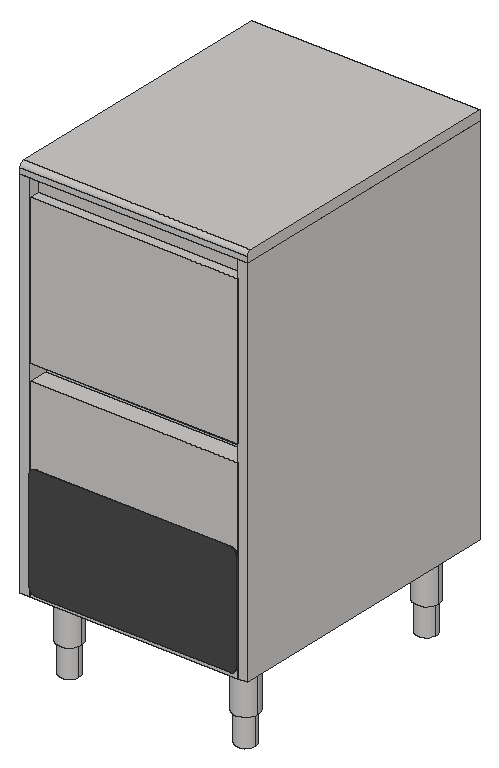
Revit family "QF_ZANUSSI_730327_ICC47I20SNP", category Attrezzature speciali, Revit 2018
Family settings
  Quota connettore circolare = Usa diametro
  Tipo di parte = Normale
  Basato su piano di lavoro = No
  Sempre verticale = Sì
  Taglio con vuoti quando caricato = No
  Condiviso = No
  Punto di calcolo locali = No
Parameters (values of type "Standard")
  Weight = 45.00 kg
  Watts = 0 W
  Volts = 220 V
  URL Manufacturer = "http://www.zanussiprofessional.com"
  URL = "http://www.zanussiprofessional.com"
  Steam Supply Size = 0 mm
  Steam Supply Minimum Pressure = 0.0 Pa
  Steam Supply Maximum Pressure = 0.0 Pa
  Steam Pounds per Hour = 0
  Show Logo [instance] = yes
  Show Clearance [instance] = yes
  Refrigeration Suction Line Size = 0 mm
  Refrigeration Liquid Line Size = 0 mm
  Refrigerant Compressor Remote = yes
  Produttore = "Zanussi"
  Phase = 1
  Modello = "ICC47I20SNP"
  Length Actual = 465 mm  # constant formula
  Item Number = "730327"
  Hot Water Size = 0 mm
  Height Actual = 894 mm  # constant formula
  HP = "0 HP"
  Gas Size = 0 mm
  Gas KW = 0
  Gas Input Pressure = 0 W
  Descrizione = "AIR COOLED ICE CUBER 40GR 47KG/24H-BIN 20KG"
  Depth Actual = 595 mm  # constant formula
  Cycle = 50 Hz
  Condensate Return Size = 0 mm
  Compressed Air Volume = 0.0 L/s
  Compressed Air Size = 0 mm
  Compressed Air Pressure = 0.0 Pa
  Cold Water Size = 19.05 mm
  Accessory = yes
Reference planes
  plane 1 "Center X": y = 272.851
  plane 2: z = 0
  plane 3 "Center Y": x = -501.5
  plane 4 "LEFT": x = -734
  plane 5 "RIGHT": x = -269
  plane 6 "FRONT": y = -24.149
  plane 7 "BACK": y = 569.851
  plane 8: z = 155
  plane 9: z = 944
  plane 10: z = 924
  plane 11: x = -714
  plane 12: x = -289
  plane 13: y = 15.851
Forms (mm)
  Extrusion 1, solid, material "QF_Finishes_Black"
    sketch origin (-217.296, -24.149, 371.513) x (-1, 0, 0) y (0, 0, -1)
      loop
        arc (481.704, -21.487) -> (492.311, -17.093) -> (496.704, -6.487) r 15
        line (496.704, -6.487) -> (496.704, 194.469)
        arc (496.704, 194.469) -> (492.311, 205.075) -> (481.704, 209.469) r 15
        line (481.704, 209.469) -> (86.704, 209.469)
        arc (86.704, 209.469) -> (76.097, 205.075) -> (71.704, 194.469) r 15
        line (71.704, 194.469) -> (71.704, -6.487)
        arc (71.704, -6.487) -> (76.097, -17.093) -> (86.704, -21.487) r 15
        line (86.704, -21.487) -> (481.704, -21.487)
    from 0 to 2
  Extrusion 2, solid, material "QF_Finishes_Stainless Steel"
    sketch origin (-501.5, 0, 0) x (0, 1, 0) y (0, 0, 1)
      loop
        line (569.851, 924) -> (569.851, 944) -> (-14.149, 944)
        arc (-14.149, 944) -> (-21.22, 941.071) -> (-24.149, 934) r 10
        line (-24.149, 934) -> (-24.149, 924) -> (569.851, 924)
    from -232.5 to 232.5
  Extrusion 3, solid, material "QF_Finishes_Stainless Steel"
    sketch origin (-321.2, 569.851, -329.545) x (1, 0, 0) y (0, 0, -1)
      loop
        circle (-16.8, -655.545) r 10
    from 0 to 10
  Extrusion 4, solid, material "QF_Finishes_Stainless Steel"
    sketch origin (0, 0, 0) x (1, 0, 0) y (0, 1, 0)
      loop
        line (-734, 569.851) -> (-734, -24.149) -> (-714, -24.149) -> (-714, 569.851) -> (-734, 569.851)
    from 155 to 924
  Extrusion 5, solid, material "QF_Finishes_Stainless Steel"
    sketch origin (0, 0, 0) x (1, 0, 0) y (0, 1, 0)
      loop
        line (-289, 569.851) -> (-289, -24.149) -> (-269, -24.149) -> (-269, 569.851) -> (-289, 569.851)
    from 155 to 924
  Extrusion 6, solid, material "QF_Finishes_Stainless Steel"
    sketch origin (0, 0, 0) x (1, 0, 0) y (0, 1, 0)
      loop
        line (-714, 569.851) -> (-714, 15.851) -> (-289, 15.851) -> (-289, 569.851) -> (-714, 569.851)
    from 155 to 924
  Extrusion 7, solid, material "QF_Finishes_Stainless Steel"
    sketch origin (0, 0, 0) x (1, 0, 0) y (0, 1, 0)
      loop
        line (-714, -24.149) -> (-289, -24.149) -> (-289, 15.851) -> (-714, 15.851) -> (-714, -24.149)
    from 155 to 550.848
  Extrusion 8, solid, material "QF_Finishes_Stainless Steel"
    sketch origin (-501.5, 0, 0) x (0, 1, 0) y (0, 0, 1)
      loop
        line (15.851, 924) -> (-4.149, 924) -> (-4.149, 888) -> (-24.149, 888) -> (-24.149, 584.768) -> (-4.149, 584.768) -> (-4.149, 569) -> (15.851, 569) -> (15.851, 924)
    from -212.5 to 212.5
  Extrusion 9, solid, material "QF_Finishes_Stainless Steel"
    sketch origin (-303.2, 569.851, -440.545) x (1, 0, 0) y (0, 0, -1)
      loop
        circle (-16.8, -655.545) r 10
    from 0 to 10
  Extrusion 10, solid, material "QF_Finishes_Stainless Steel"
    sketch origin (-363.2, 569.851, -361.545) x (1, 0, 0) y (0, 0, -1)
      loop
        circle (-16.8, -655.545) r 10
    from 0 to 10
Lines and regions (mm)
  Split face 1
    outline origin (-501.5, -4.149, 924) x (0, 0, -1) y (1, 0, 0)
      loop
        line (5.715, 89.928) -> (30.715, 89.928) -> (30.715, 129.928) -> (5.715, 129.928) -> (5.715, 89.928)
  symbolic lines
    curve 1: line (-734, 569.851, 0) -> (-269, 569.851, 0)
    curve 2: line (-734, -24.149, 0) -> (-734, 569.851, 0)
    curve 3: line (-269, -24.149, 0) -> (-734, -24.149, 0)
    curve 4: line (-269, 569.851, 0) -> (-269, -24.149, 0)
Dimensions and locks
  equal spacing: plane 4 "LEFT", plane 3 "Center Y", plane 5 "RIGHT"
  plane 4 "LEFT" to plane 5 "RIGHT" = 465 mm
  equal spacing: plane 7 "BACK", plane 1 "Center X", plane 6 "FRONT"
  plane 7 "BACK" to plane 6 "FRONT" = 594 mm
  plane 8 to plane 2 = 155 mm
  plane 9 to plane 8 = 789 mm
  locked: plane 4 "LEFT" to plane 11 at 20
  locked: plane 12 to plane 5 "RIGHT" at 20
  locked: plane 9 to plane 10 at 20
  locked: plane 13 to plane 6 "FRONT" at 40
  aligned and locked: level to plane 2
  aligned and locked: plane 5 "RIGHT" to Extrusion 2
  aligned and locked: Extrusion 2 to plane 4 "LEFT"
  aligned and locked: Extrusion 4 sketch curve to Extrusion 2  (x2)
  aligned and locked: plane 6 "FRONT" to Extrusion 4 sketch curve
  aligned and locked: Extrusion 4 sketch curve to plane 11
  aligned and locked: Extrusion 5 sketch curve to plane 7 "BACK"
  aligned and locked: plane 12 to Extrusion 5 sketch curve
  aligned and locked: Extrusion 5 sketch curve to Extrusion 2  (x2)
  aligned and locked: plane 10 to Extrusion 4
  aligned and locked: plane 10 to Extrusion 5
  aligned and locked: Extrusion 4 to plane 8
  aligned and locked: Extrusion 5 to plane 8
  aligned and locked: Extrusion 6 sketch curve to Extrusion 4
  aligned and locked: Extrusion 4 to Extrusion 6 sketch curve
  aligned and locked: plane 13 to Extrusion 6 sketch curve
  aligned and locked: Extrusion 6 sketch curve to plane 12
  aligned and locked: plane 10 to Extrusion 6
  aligned and locked: Extrusion 6 to plane 8
  aligned and locked: Extrusion 4 to Extrusion 7 sketch curve
  aligned and locked: Extrusion 7 sketch curve to Extrusion 4
  aligned and locked: plane 13 to Extrusion 7 sketch curve
  aligned and locked: plane 12 to Extrusion 7 sketch curve
  aligned and locked: Extrusion 7 to plane 8
  aligned and locked: plane 12 to Extrusion 8
  aligned and locked: Extrusion 8 to plane 11
Automatic sketch dimensions
  curve 3 to plane 4 "LEFT" = 0 mm
  curve 3 to plane 5 "RIGHT" = 0 mm
  curve 3 to plane 6 "FRONT" = 0 mm
  curve 2 to plane 7 "BACK" = 0 mm
  Extrusion 1 sketch curve to plane 12 = 0 mm
  plane 8 to Extrusion 1 sketch curve = 7.044 mm
  Extrusion 1 sketch curve to Extrusion 1 sketch curve = 15 mm  (x3)
  plane 11 to Extrusion 1 sketch curve = 15 mm  (x2)
  Extrusion 1 sketch curve to Extrusion 1 sketch curve = 200.956 mm
  Extrusion 2 sketch curve to plane 6 "FRONT" = 0 mm
  Extrusion 2 sketch curve to plane 9 = 0 mm
  Extrusion 2 sketch curve to plane 7 "BACK" = 0 mm
  Extrusion 2 sketch curve to plane 10 = 0 mm
  plane 6 "FRONT" to Extrusion 2 sketch curve = 10 mm
  Extrusion 6 to Extrusion 3 sketch curve = 171 mm
  Extrusion 3 sketch curve to Extrusion 6 = 49 mm
  Extrusion 8 sketch curve to plane 6 "FRONT" = 0 mm
  Extrusion 8 sketch curve to plane 10 = 0 mm
  Extrusion 8 sketch curve to plane 13 = 0 mm
  plane 6 "FRONT" to Extrusion 8 sketch curve = 20 mm  (x2)
  Extrusion 8 sketch curve to plane 10 = 36 mm
  Extrusion 8 sketch curve to Extrusion 8 sketch curve = 303.232 mm
  Extrusion 8 sketch curve to Extrusion 8 sketch curve = 15.768 mm
  Split face 1 sketch curve to Extrusion 8 = 5.715 mm
  Extrusion 8 to Split face 1 sketch curve = 5.285 mm
  Split face 1 sketch curve to Extrusion 8 = 122.572 mm
  Split face 1 sketch curve to Split face 1 sketch curve = 40 mm
  Extrusion 9 sketch curve to Extrusion 6 = 31 mm
  Extrusion 6 to Extrusion 9 sketch curve = 60 mm
  Extrusion 10 sketch curve to Extrusion 6 = 91 mm
  Extrusion 6 to Extrusion 10 sketch curve = 139 mm
  radius of Extrusion 3 sketch curve = 10 mm
  radius of Extrusion 9 sketch curve = 10 mm
  radius of Extrusion 10 sketch curve = 10 mm
Nested families
  nested 1: "Foot_Complete" at (-682, 36.851, 0), type "Foot_Complete"
    with H 155 mm
  nested 2: "Foot_Complete" at (-321, 36.851, 0) x (-1, 0, 0) z (0, 0, 1), type "Foot_Complete"
    with H 155 mm
  nested 3: "Foot_Complete" at (-682, 498.851, 0), type "Foot_Complete"
    with H 155 mm
  nested 4: "Foot_Complete" at (-321, 498.851, 0) x (-1, 0, 0) z (0, 0, 1), type "Foot_Complete"
    with H 155 mm
Connectors
  electrical at (-320, 579.851, 215), driven by "Volts"
    settings: on Extrusion 9, index 1, voltage 220 V, apparent load 0 VA, apparent load phase1 0 VA, apparent load phase2 0 VA, apparent load phase3 0 VA, power factor 1, load classification "Altro", number of poles 1, system type 30, power factor state 1, is connector primary yes, connector utility no, sub classification motor no, connector description "Electrical Connection"
  piping at (-338, 579.851, 326), diameter 20
    settings: on Extrusion 3, index 2, connector inside diameter 609.6 mm, connector length 0 mm, flow factor 0, pipe flow 0.0 L/s, pressure drop 0.0 Pa, fitting loss kfactor 0, connector angle 0.00°, fixture units 0, engagement length 0 mm, angle of deflection 0.00°, flow configuration 0, flow direction 0, fitting loss method 0, system type 20, joint type 0, gender type 0, connector reference index -1, connector utility 0, adjustable connector no, is connector primary yes, connector description "Cold water"
  piping at (-380, 579.851, 294), diameter 20
    settings: on Extrusion 10, index 3, connector inside diameter 609.6 mm, connector length 0 mm, flow factor 0, pipe flow 0.0 L/s, pressure drop 0.0 Pa, fitting loss kfactor 0, connector angle 0.00°, fixture units 0, engagement length 0 mm, angle of deflection 0.00°, flow configuration 0, flow direction 0, fitting loss method 0, system type 16, joint type 0, gender type 0, connector reference index -1, connector utility 0, adjustable connector no, is connector primary no, connector description "Drain"
Definition of nested family "Foot_Complete"
  Parameters (values of type "Foot_Complete")
    R = 25 mm
    H = 153 mm
  Reference planes
    plane 1 "Centro (Fronte/Retro)": y = 0
    plane 2: z = 0
    plane 3 "Centro (Sinistra/Destra)": x = 0
    plane 4: z = 153
  Forms (mm)
    Revolve 1, solid
      sketch origin (255.05, 0, 608.09) x (0, 0, 1) y (-1, 0, 0)
        loop
          line (-608.09, 255.05) -> (-608.09, 235.05) -> (-548.09, 235.05) -> (-548.09, 230.05) -> (-455.09, 230.05) -> (-455.09, 255.05) -> (-608.09, 255.05)
        axis (-608.09, 255.05) -> (-455.09, 255.05)
      angle from 0 to 360
  Dimensions and locks
    level to Revolve 1 sketch curve = 60 mm
    "R": Revolve 1 sketch curve to plane 3 "Centro (Sinistra/Destra)"
    "H": plane 4 to level
    aligned and locked: level to plane 2
    aligned and locked: plane 4 to Revolve 1 sketch curve
    aligned and locked: Revolve 1 sketch curve to level
    aligned and locked: plane 3 "Centro (Sinistra/Destra)" to Revolve 1 sketch curve
  Automatic sketch dimensions
    Revolve 1 sketch curve to plane 3 "Centro (Sinistra/Destra)" = 0 mm
    plane 3 "Centro (Sinistra/Destra)" to Revolve 1 sketch curve = 20 mm
    Revolve 1 sketch curve to Revolve 1 sketch curve = 50 mm
    Revolve 1 sketch curve to Revolve 1 sketch curve = 20 mm
